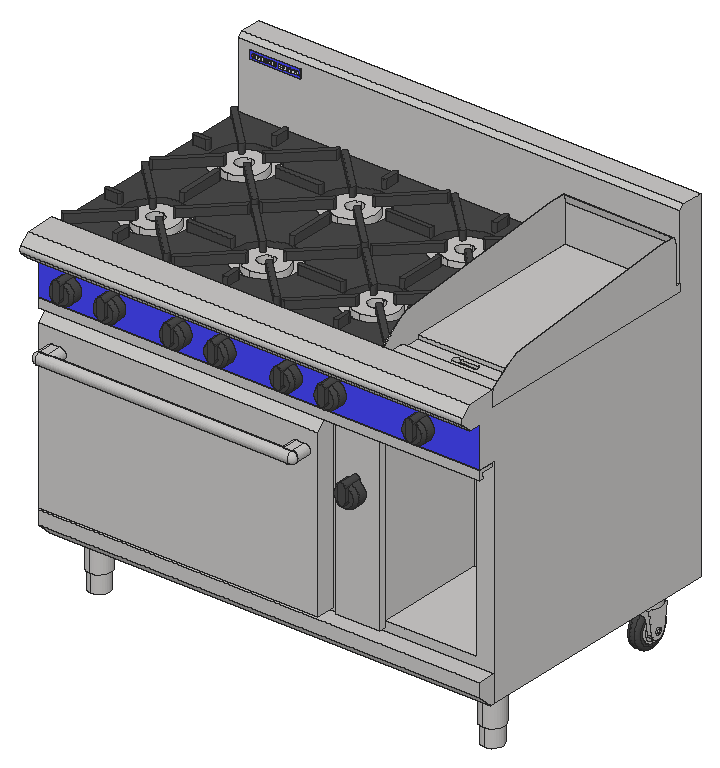
Revit family "QF_MOFFAT_BLUESEAL_CE_G508C", category Specialty Equipment, Revit 2012
Parameters
  Width = 1200 mm
  Weight in Pounds = 568
  URL Cutsheet = "www.moffat.com"
  URL = "www.moffat.com"
  Type Mark [instance] = ""
  Status [instance] = ""
  Specification by User [instance] = ""
  Specification by Manufacturer = ""
  Show Logo [instance] = yes
  Show Clearance [instance] = yes
  Show Casters [instance] = yes
  Serial Number = ""
  Seismic Rating = ""
  SMACNA No = ""
  Revision Code [instance] = ""
  Omniclass Number and Title = ""
  NAFEM Spec ID Number = ""
  Model = "G508C"
  Mechanical Remarks = ""
  Mechanical Connection Type [instance] = ""
  Masterspec = ""
  Manufacturer = "MOFFAT BLUESEAL"
  Legs [instance] = not(Show Casters)  # no
  Item Number [instance] = ""
  Installed By [instance] = ""
  Identify Quantity as Lot [instance] = yes
  Height = 970 mm
  Gas Size = 3/4"
  Gas RI Height [instance] = 0 mm
  Gas KW [instance] = 60.5
  Gas Input [instance] = 206624.0 Btu/h
  Gas Connection Height = 0 mm
  Furnished By [instance] = ""
  Foodservice Equipment Identifier [instance] = yes
  Description = "1200MM GAS RANGE WITH STATIC OVEN"
  Depth = 812 mm
  CSI MasterFormat = ""
  CSI Master Format = ""
  Body Finish = QF_Finishes_Stainless Steel
Reference planes
  plane 1 "BACK": y = 0
  plane 2: z = 0
  plane 3 "LEFT": x = 0
  plane 4 "RIGHT": x = 1200
  plane 5 "FRONT": y = -812
  plane 6 "TOP": z = 970
  plane 7 "Center Y": x = 600
  plane 8 "Center X": y = -406
  plane 9: x = 280
  plane 10: y = -574.272
  plane 11: x = 60
  plane 12: y = -304.972
  plane 13: y = -364.972
  plane 14: x = 74
  plane 15: y = -812
  plane 16: x = 1134.5
  plane 17: y = -32
  plane 18: z = 655
  plane 19: x = 65.5
  plane 20: x = 65.8
  plane 21: z = 1085
  plane 22: y = -705
Forms (mm)
  Extrusion 1, solid, material "QF_Finishes_Stainless Steel" <- "Body Finish"
    sketch origin (0, 0, 0) x (0, 1, 0) y (0, 0, 1)
      loop
        line (0, 150) -> (0, 1085) -> (-57.5, 1085) -> (-70, 1072.5) -> (-70, 875) -> (-705, 875) -> (-705, 915) -> (-783.97, 915) -> (-808.49, 890.48)
        arc (-808.49, 890.48) -> (-812.002, 882) -> (-808.49, 873.52) r 11.993
        line (-808.49, 873.52) -> (-784.97, 850) -> (-749, 850) -> (-749, 740) -> (-699, 740) -> (-699, 150) -> (0, 150)
      loop
        line (-749, 222.5) -> (-749, 186) -> (-713, 150) -> (-703.2, 150) -> (-703.2, 222.5) -> (-749, 222.5)
      loop
        line (-749, 713.781) -> (-740.224, 713.781) -> (-742.613, 730.781) -> (-707.93, 730.781) -> (-707.93, 737.784) -> (-749, 737.784) -> (-749, 713.781)
    from 0 to 1200
  Extrusion 2, solid, material "QF_Finishes_Stainless Steel"
    sketch origin (0, 7, 0) x (0, 1, 0) y (0, 0, 1)
      loop
        line (-706, 700) -> (-732, 700) -> (-756, 676) -> (-756, 227.5) -> (-706, 227.5) -> (-706, 700)
    from 0 to 760
  Extrusion 3, solid, material "QF_Finishes_Stainless Steel"
    sketch origin (723.5, 7, 0) x (0, 1, 0) y (0, 0, 1)
      loop
        line (-706, 700) -> (-721, 700) -> (-721, 227.5) -> (-706, 227.5) -> (-706, 700)
    from 56.898 to 176.5
  Revolve 4, solid, material "QF_Finishes_Stainless Steel" <- "Body Finish"
    sketch origin (1134.5, -696.126, 0) x (0, 1, 0) y (0, 0, -1)
      loop
        line (39.376, -150) -> (71.126, -150) -> (71.126, 0) -> (43.626, 0) -> (43.626, -50) -> (39.376, -50) -> (39.376, -150)
      axis (71.126, -150) -> (71.126, 0)
    angle from 0 to 360
  Revolve 5, solid, material "QF_Finishes_Stainless Steel" <- "Body Finish"
    sketch origin (65.5, -696.126, 0) x (0, 1, 0) y (0, 0, 1)
      loop
        line (39.376, 150) -> (39.376, 50) -> (43.626, 50) -> (43.626, 0) -> (71.126, 0) -> (71.126, 150) -> (39.376, 150)
      axis (71.126, 150) -> (71.126, 0)
    angle from 0 to 360
  Extrusion 6, solid, material "QF_Finishes_Stainless Steel"
    sketch origin (-64.5, 0, 325) x (1, 0, 0) y (0, 1, 0)
      loop
        circle (1134.5, -32) r 10
    from 330 to 374.856
  Extrusion 7, void
    sketch origin (0, -699, 150) x (0, 0, -1) y (-1, 0, 0)
      loop
        line (-529.781, -900) -> (-529.781, -1150) -> (-96, -1150) -> (-96, -900) -> (-529.781, -900)
    from 0 to 304.8
  Extrusion 8, solid, material "QF_Finishes_Black"
    sketch origin (0, -70, 875) x (0, -1, 0) y (1, 0, 0)
      loop
        arc (1, 4) -> (1.879, 1.879) -> (4, 1) r 3
        line (4, 1) -> (632, 1)
        arc (632, 1) -> (634.121, 1.879) -> (635, 4) r 3
        line (635, 4) -> (635, 897)
        arc (635, 897) -> (634.121, 899.121) -> (632, 900) r 3
        line (632, 900) -> (4, 900)
        arc (4, 900) -> (1.879, 899.121) -> (1, 897) r 3
        line (1, 897) -> (1, 4)
      loop
        circle (167.5, 150) r 85
      loop
        circle (167.5, 450) r 85
      loop
        circle (467.768, 150) r 85
      loop
        circle (467.768, 450) r 85
      loop
        circle (167.5, 750) r 85
      loop
        circle (467.768, 750) r 85
    from 0 to 19.5
  Extrusion 9, solid, material "QF_Finishes_Black"
    sketch origin (0, -70, 894.5) x (0, -1, 0) y (1, 0, 0)
      loop
        spline (327.102, 15.153) -> (326.181, 13.924) -> (325.631, 12.47) -> (325.49, 10.89) -> (325.767, 9.292) -> (326.443, 7.786) -> (327.473, 6.473) -> (328.786, 5.443) -> (330.292, 4.767) -> (331.89, 4.49) -> (333.47, 4.631) -> (334.924, 5.181) -> (336.153, 6.102)
        line (336.153, 6.102) -> (444.076, 114.025)
        spline (444.076, 114.025) -> (444.837, 115.095) -> (445.238, 116.399) -> (445.251, 117.851) -> (444.875, 119.35) -> (444.137, 120.795) -> (443.086, 122.086) -> (441.795, 123.137) -> (440.35, 123.875) -> (438.851, 124.251) -> (437.399, 124.238) -> (436.095, 123.837) -> (435.025, 123.076)
        line (435.025, 123.076) -> (327.102, 15.153)
      loop
        line (611.398, 15.153) -> (503.475, 123.076)
        spline (503.475, 123.076) -> (502.405, 123.837) -> (501.101, 124.238) -> (499.649, 124.251) -> (498.15, 123.875) -> (496.705, 123.137) -> (495.414, 122.086) -> (494.363, 120.795) -> (493.625, 119.35) -> (493.249, 117.851) -> (493.262, 116.399) -> (493.663, 115.095) -> (494.424, 114.025)
        line (494.424, 114.025) -> (602.347, 6.102)
        spline (602.347, 6.102) -> (603.416, 5.341) -> (604.721, 4.941) -> (606.172, 4.928) -> (607.671, 5.303) -> (609.116, 6.041) -> (610.408, 7.092) -> (611.459, 8.384) -> (612.197, 9.829) -> (612.572, 11.328) -> (612.559, 12.779) -> (612.159, 14.084) -> (611.398, 15.153)
      loop
        spline (379.102, 143.6) -> (380.396, 143.818) -> (381.602, 144.457) -> (382.638, 145.475) -> (383.432, 146.8) -> (383.932, 148.344) -> (384.102, 150) -> (383.932, 151.656) -> (383.432, 153.2) -> (382.638, 154.525) -> (381.602, 155.543) -> (380.396, 156.182) -> (379.102, 156.4)
        line (379.102, 156.4) -> (259.398, 156.4)
        spline (259.398, 156.4) -> (258.104, 156.182) -> (256.898, 155.543) -> (255.862, 154.525) -> (255.068, 153.2) -> (254.568, 151.656) -> (254.398, 150) -> (254.568, 148.344) -> (255.068, 146.8) -> (255.862, 145.475) -> (256.898, 144.457) -> (258.104, 143.818) -> (259.398, 143.6)
        line (259.398, 143.6) -> (379.102, 143.6)
      loop
        spline (23.602, 15.153) -> (22.681, 13.924) -> (22.131, 12.47) -> (21.99, 10.89) -> (22.267, 9.292) -> (22.943, 7.786) -> (23.973, 6.473) -> (25.286, 5.443) -> (26.792, 4.767) -> (28.39, 4.49) -> (29.97, 4.631) -> (31.424, 5.181) -> (32.653, 6.102)
        line (32.653, 6.102) -> (140.576, 114.025)
        spline (140.576, 114.025) -> (141.337, 115.095) -> (141.738, 116.399) -> (141.751, 117.851) -> (141.375, 119.35) -> (140.637, 120.795) -> (139.586, 122.086) -> (138.295, 123.137) -> (136.85, 123.875) -> (135.351, 124.251) -> (133.899, 124.238) -> (132.595, 123.837) -> (131.525, 123.076)
        line (131.525, 123.076) -> (23.602, 15.153)
      loop
        line (311.398, 15.153) -> (203.475, 123.076)
        spline (203.475, 123.076) -> (202.405, 123.837) -> (201.101, 124.238) -> (199.649, 124.251) -> (198.15, 123.875) -> (196.705, 123.137) -> (195.414, 122.086) -> (194.363, 120.795) -> (193.625, 119.35) -> (193.249, 117.851) -> (193.262, 116.399) -> (193.663, 115.095) -> (194.424, 114.025)
        line (194.424, 114.025) -> (302.347, 6.102)
        spline (302.347, 6.102) -> (303.416, 5.341) -> (304.721, 4.941) -> (306.172, 4.928) -> (307.671, 5.303) -> (309.116, 6.041) -> (310.408, 7.092) -> (311.459, 8.384) -> (312.197, 9.829) -> (312.572, 11.328) -> (312.559, 12.779) -> (312.159, 14.084) -> (311.398, 15.153)
      loop
        line (327.102, 284.847) -> (435.025, 176.924)
        spline (435.025, 176.924) -> (436.095, 176.163) -> (437.399, 175.762) -> (438.851, 175.749) -> (440.35, 176.125) -> (441.795, 176.863) -> (443.086, 177.914) -> (444.137, 179.205) -> (444.875, 180.65) -> (445.251, 182.149) -> (445.238, 183.601) -> (444.837, 184.905) -> (444.076, 185.975)
        line (444.076, 185.975) -> (336.153, 293.898)
        spline (336.153, 293.898) -> (334.924, 294.819) -> (333.47, 295.369) -> (331.89, 295.51) -> (330.292, 295.233) -> (328.786, 294.557) -> (327.473, 293.527) -> (326.443, 292.214) -> (325.767, 290.708) -> (325.49, 289.11) -> (325.631, 287.53) -> (326.181, 286.076) -> (327.102, 284.847)
      loop
        spline (611.398, 284.847) -> (612.159, 285.916) -> (612.559, 287.221) -> (612.572, 288.672) -> (612.197, 290.171) -> (611.459, 291.616) -> (610.408, 292.908) -> (609.116, 293.959) -> (607.671, 294.697) -> (606.172, 295.072) -> (604.721, 295.059) -> (603.416, 294.659) -> (602.347, 293.898)
        line (602.347, 293.898) -> (494.424, 185.975)
        spline (494.424, 185.975) -> (493.663, 184.905) -> (493.262, 183.601) -> (493.249, 182.149) -> (493.625, 180.65) -> (494.363, 179.205) -> (495.414, 177.914) -> (496.705, 176.863) -> (498.15, 176.125) -> (499.649, 175.749) -> (501.101, 175.762) -> (502.405, 176.163) -> (503.475, 176.924)
        line (503.475, 176.924) -> (611.398, 284.847)
      loop
        spline (461.1, 241.898) -> (461.318, 240.604) -> (461.957, 239.398) -> (462.975, 238.362) -> (464.3, 237.568) -> (465.844, 237.068) -> (467.5, 236.898) -> (469.156, 237.068) -> (470.7, 237.568) -> (472.025, 238.362) -> (473.043, 239.398) -> (473.682, 240.604) -> (473.9, 241.898)
        line (473.9, 241.898) -> (473.9, 358.102)
        spline (473.9, 358.102) -> (473.682, 359.396) -> (473.043, 360.602) -> (472.025, 361.638) -> (470.7, 362.432) -> (469.156, 362.932) -> (467.5, 363.102) -> (465.844, 362.932) -> (464.3, 362.432) -> (462.975, 361.638) -> (461.957, 360.602) -> (461.318, 359.396) -> (461.1, 358.102)
        line (461.1, 358.102) -> (461.1, 241.898)
      loop
        line (23.602, 284.847) -> (131.525, 176.924)
        spline (131.525, 176.924) -> (132.595, 176.163) -> (133.899, 175.762) -> (135.351, 175.749) -> (136.85, 176.125) -> (138.295, 176.863) -> (139.586, 177.914) -> (140.637, 179.205) -> (141.375, 180.65) -> (141.751, 182.149) -> (141.738, 183.601) -> (141.337, 184.905) -> (140.576, 185.975)
        line (140.576, 185.975) -> (32.653, 293.898)
        spline (32.653, 293.898) -> (31.424, 294.819) -> (29.97, 295.369) -> (28.39, 295.51) -> (26.792, 295.233) -> (25.286, 294.557) -> (23.973, 293.527) -> (22.943, 292.214) -> (22.267, 290.708) -> (21.99, 289.11) -> (22.131, 287.53) -> (22.681, 286.076) -> (23.602, 284.847)
      loop
        spline (311.398, 284.847) -> (312.159, 285.916) -> (312.559, 287.221) -> (312.572, 288.672) -> (312.197, 290.171) -> (311.459, 291.616) -> (310.408, 292.908) -> (309.116, 293.959) -> (307.671, 294.697) -> (306.172, 295.072) -> (304.721, 295.059) -> (303.416, 294.659) -> (302.347, 293.898)
        line (302.347, 293.898) -> (194.424, 185.975)
        spline (194.424, 185.975) -> (193.663, 184.905) -> (193.262, 183.601) -> (193.249, 182.149) -> (193.625, 180.65) -> (194.363, 179.205) -> (195.414, 177.914) -> (196.705, 176.863) -> (198.15, 176.125) -> (199.649, 175.749) -> (201.101, 175.762) -> (202.405, 176.163) -> (203.475, 176.924)
        line (203.475, 176.924) -> (311.398, 284.847)
      loop
        spline (161.1, 241.898) -> (161.318, 240.604) -> (161.957, 239.398) -> (162.975, 238.362) -> (164.3, 237.568) -> (165.844, 237.068) -> (167.5, 236.898) -> (169.156, 237.068) -> (170.7, 237.568) -> (172.025, 238.362) -> (173.043, 239.398) -> (173.682, 240.604) -> (173.9, 241.898)
        line (173.9, 241.898) -> (173.9, 358.102)
        spline (173.9, 358.102) -> (173.682, 359.396) -> (173.043, 360.602) -> (172.025, 361.638) -> (170.7, 362.432) -> (169.156, 362.932) -> (167.5, 363.102) -> (165.844, 362.932) -> (164.3, 362.432) -> (162.975, 361.638) -> (161.957, 360.602) -> (161.318, 359.396) -> (161.1, 358.102)
        line (161.1, 358.102) -> (161.1, 241.898)
      loop
        line (379.102, 456.4) -> (259.398, 456.4)
        spline (259.398, 456.4) -> (258.104, 456.182) -> (256.898, 455.543) -> (255.862, 454.525) -> (255.068, 453.2) -> (254.568, 451.656) -> (254.398, 450) -> (254.568, 448.344) -> (255.068, 446.8) -> (255.862, 445.475) -> (256.898, 444.457) -> (258.104, 443.818) -> (259.398, 443.6)
        line (259.398, 443.6) -> (379.102, 443.6)
        spline (379.102, 443.6) -> (380.396, 443.818) -> (381.602, 444.457) -> (382.638, 445.475) -> (383.432, 446.8) -> (383.932, 448.344) -> (384.102, 450) -> (383.932, 451.656) -> (383.432, 453.2) -> (382.638, 454.525) -> (381.602, 455.543) -> (380.396, 456.182) -> (379.102, 456.4)
      loop
        spline (327.102, 315.153) -> (326.181, 313.924) -> (325.631, 312.47) -> (325.49, 310.89) -> (325.767, 309.292) -> (326.443, 307.786) -> (327.473, 306.473) -> (328.786, 305.443) -> (330.292, 304.767) -> (331.89, 304.49) -> (333.47, 304.631) -> (334.924, 305.181) -> (336.153, 306.102)
        line (336.153, 306.102) -> (444.076, 414.025)
        spline (444.076, 414.025) -> (444.837, 415.095) -> (445.238, 416.399) -> (445.251, 417.851) -> (444.875, 419.35) -> (444.137, 420.795) -> (443.086, 422.086) -> (441.795, 423.137) -> (440.35, 423.875) -> (438.851, 424.251) -> (437.399, 424.238) -> (436.095, 423.837) -> (435.025, 423.076)
        line (435.025, 423.076) -> (327.102, 315.153)
      loop
        line (611.398, 315.153) -> (503.475, 423.076)
        spline (503.475, 423.076) -> (502.405, 423.837) -> (501.101, 424.238) -> (499.649, 424.251) -> (498.15, 423.875) -> (496.705, 423.137) -> (495.414, 422.086) -> (494.363, 420.795) -> (493.625, 419.35) -> (493.249, 417.851) -> (493.262, 416.399) -> (493.663, 415.095) -> (494.424, 414.025)
        line (494.424, 414.025) -> (602.347, 306.102)
        spline (602.347, 306.102) -> (603.416, 305.341) -> (604.721, 304.941) -> (606.172, 304.928) -> (607.671, 305.303) -> (609.116, 306.041) -> (610.408, 307.092) -> (611.459, 308.384) -> (612.197, 309.829) -> (612.572, 311.328) -> (612.559, 312.779) -> (612.159, 314.084) -> (611.398, 315.153)
      loop
        spline (23.602, 315.153) -> (22.681, 313.924) -> (22.131, 312.47) -> (21.99, 310.89) -> (22.267, 309.292) -> (22.943, 307.786) -> (23.973, 306.473) -> (25.286, 305.443) -> (26.792, 304.767) -> (28.39, 304.49) -> (29.97, 304.631) -> (31.424, 305.181) -> (32.653, 306.102)
        line (32.653, 306.102) -> (140.576, 414.025)
        spline (140.576, 414.025) -> (141.337, 415.095) -> (141.738, 416.399) -> (141.751, 417.851) -> (141.375, 419.35) -> (140.637, 420.795) -> (139.586, 422.086) -> (138.295, 423.137) -> (136.85, 423.875) -> (135.351, 424.251) -> (133.899, 424.238) -> (132.595, 423.837) -> (131.525, 423.076)
        line (131.525, 423.076) -> (23.602, 315.153)
      loop
        line (311.398, 315.153) -> (203.475, 423.076)
        spline (203.475, 423.076) -> (202.405, 423.837) -> (201.101, 424.238) -> (199.649, 424.251) -> (198.15, 423.875) -> (196.705, 423.137) -> (195.414, 422.086) -> (194.363, 420.795) -> (193.625, 419.35) -> (193.249, 417.851) -> (193.262, 416.399) -> (193.663, 415.095) -> (194.424, 414.025)
        line (194.424, 414.025) -> (302.347, 306.102)
        spline (302.347, 306.102) -> (303.416, 305.341) -> (304.721, 304.941) -> (306.172, 304.928) -> (307.671, 305.303) -> (309.116, 306.041) -> (310.408, 307.092) -> (311.459, 308.384) -> (312.197, 309.829) -> (312.572, 311.328) -> (312.559, 312.779) -> (312.159, 314.084) -> (311.398, 315.153)
      loop
        line (327.102, 584.847) -> (435.025, 476.924)
        spline (435.025, 476.924) -> (436.095, 476.163) -> (437.399, 475.762) -> (438.851, 475.749) -> (440.35, 476.125) -> (441.795, 476.863) -> (443.086, 477.914) -> (444.137, 479.205) -> (444.875, 480.65) -> (445.251, 482.149) -> (445.238, 483.601) -> (444.837, 484.905) -> (444.076, 485.975)
        line (444.076, 485.975) -> (336.153, 593.898)
        spline (336.153, 593.898) -> (334.924, 594.819) -> (333.47, 595.369) -> (331.89, 595.51) -> (330.292, 595.233) -> (328.786, 594.557) -> (327.473, 593.527) -> (326.443, 592.214) -> (325.767, 590.708) -> (325.49, 589.11) -> (325.631, 587.53) -> (326.181, 586.076) -> (327.102, 584.847)
      loop
        spline (611.398, 584.847) -> (612.159, 585.916) -> (612.559, 587.221) -> (612.572, 588.672) -> (612.197, 590.171) -> (611.459, 591.616) -> (610.408, 592.908) -> (609.116, 593.959) -> (607.671, 594.697) -> (606.172, 595.072) -> (604.721, 595.059) -> (603.416, 594.659) -> (602.347, 593.898)
        line (602.347, 593.898) -> (494.424, 485.975)
        spline (494.424, 485.975) -> (493.663, 484.905) -> (493.262, 483.601) -> (493.249, 482.149) -> (493.625, 480.65) -> (494.363, 479.205) -> (495.414, 477.914) -> (496.705, 476.863) -> (498.15, 476.125) -> (499.649, 475.749) -> (501.101, 475.762) -> (502.405, 476.163) -> (503.475, 476.924)
        line (503.475, 476.924) -> (611.398, 584.847)
      loop
        line (23.602, 584.847) -> (131.525, 476.924)
        spline (131.525, 476.924) -> (132.595, 476.163) -> (133.899, 475.762) -> (135.351, 475.749) -> (136.85, 476.125) -> (138.295, 476.863) -> (139.586, 477.914) -> (140.637, 479.205) -> (141.375, 480.65) -> (141.751, 482.149) -> (141.738, 483.601) -> (141.337, 484.905) -> (140.576, 485.975)
        line (140.576, 485.975) -> (32.653, 593.898)
        spline (32.653, 593.898) -> (31.424, 594.819) -> (29.97, 595.369) -> (28.39, 595.51) -> (26.792, 595.233) -> (25.286, 594.557) -> (23.973, 593.527) -> (22.943, 592.214) -> (22.267, 590.708) -> (21.99, 589.11) -> (22.131, 587.53) -> (22.681, 586.076) -> (23.602, 584.847)
      loop
        spline (311.398, 584.847) -> (312.159, 585.916) -> (312.559, 587.221) -> (312.572, 588.672) -> (312.197, 590.171) -> (311.459, 591.616) -> (310.408, 592.908) -> (309.116, 593.959) -> (307.671, 594.697) -> (306.172, 595.072) -> (304.721, 595.059) -> (303.416, 594.659) -> (302.347, 593.898)
        line (302.347, 593.898) -> (194.424, 485.975)
        spline (194.424, 485.975) -> (193.663, 484.905) -> (193.262, 483.601) -> (193.249, 482.149) -> (193.625, 480.65) -> (194.363, 479.205) -> (195.414, 477.914) -> (196.705, 476.863) -> (198.15, 476.125) -> (199.649, 475.749) -> (201.101, 475.762) -> (202.405, 476.163) -> (203.475, 476.924)
        line (203.475, 476.924) -> (311.398, 584.847)
      loop
        spline (461.1, 541.898) -> (461.318, 540.604) -> (461.957, 539.398) -> (462.975, 538.362) -> (464.3, 537.568) -> (465.844, 537.068) -> (467.5, 536.898) -> (469.156, 537.068) -> (470.7, 537.568) -> (472.025, 538.362) -> (473.043, 539.398) -> (473.682, 540.604) -> (473.9, 541.898)
        line (473.9, 541.898) -> (473.9, 658.102)
        spline (473.9, 658.102) -> (473.682, 659.396) -> (473.043, 660.602) -> (472.025, 661.638) -> (470.7, 662.432) -> (469.156, 662.932) -> (467.5, 663.102) -> (465.844, 662.932) -> (464.3, 662.432) -> (462.975, 661.638) -> (461.957, 660.602) -> (461.318, 659.396) -> (461.1, 658.102)
        line (461.1, 658.102) -> (461.1, 541.898)
      loop
        spline (161.1, 541.898) -> (161.318, 540.604) -> (161.957, 539.398) -> (162.975, 538.362) -> (164.3, 537.568) -> (165.844, 537.068) -> (167.5, 536.898) -> (169.156, 537.068) -> (170.7, 537.568) -> (172.025, 538.362) -> (173.043, 539.398) -> (173.682, 540.604) -> (173.9, 541.898)
        line (173.9, 541.898) -> (173.9, 658.102)
        spline (173.9, 658.102) -> (173.682, 659.396) -> (173.043, 660.602) -> (172.025, 661.638) -> (170.7, 662.432) -> (169.156, 662.932) -> (167.5, 663.102) -> (165.844, 662.932) -> (164.3, 662.432) -> (162.975, 661.638) -> (161.957, 660.602) -> (161.318, 659.396) -> (161.1, 658.102)
        line (161.1, 658.102) -> (161.1, 541.898)
      loop
        line (379.102, 756.4) -> (259.398, 756.4)
        spline (259.398, 756.4) -> (258.104, 756.182) -> (256.898, 755.543) -> (255.862, 754.525) -> (255.068, 753.2) -> (254.568, 751.656) -> (254.398, 750) -> (254.568, 748.344) -> (255.068, 746.8) -> (255.862, 745.475) -> (256.898, 744.457) -> (258.104, 743.818) -> (259.398, 743.6)
        line (259.398, 743.6) -> (379.102, 743.6)
        spline (379.102, 743.6) -> (380.396, 743.818) -> (381.602, 744.457) -> (382.638, 745.475) -> (383.432, 746.8) -> (383.932, 748.344) -> (384.102, 750) -> (383.932, 751.656) -> (383.432, 753.2) -> (382.638, 754.525) -> (381.602, 755.543) -> (380.396, 756.182) -> (379.102, 756.4)
      loop
        spline (327.102, 615.153) -> (326.181, 613.924) -> (325.631, 612.47) -> (325.49, 610.89) -> (325.767, 609.292) -> (326.443, 607.786) -> (327.473, 606.473) -> (328.786, 605.443) -> (330.292, 604.767) -> (331.89, 604.49) -> (333.47, 604.631) -> (334.924, 605.181) -> (336.153, 606.102)
        line (336.153, 606.102) -> (444.076, 714.025)
        spline (444.076, 714.025) -> (444.837, 715.095) -> (445.238, 716.399) -> (445.251, 717.851) -> (444.875, 719.35) -> (444.137, 720.795) -> (443.086, 722.086) -> (441.795, 723.137) -> (440.35, 723.875) -> (438.851, 724.251) -> (437.399, 724.238) -> (436.095, 723.837) -> (435.025, 723.076)
        line (435.025, 723.076) -> (327.102, 615.153)
      loop
        line (611.398, 615.153) -> (503.475, 723.076)
        spline (503.475, 723.076) -> (502.405, 723.837) -> (501.101, 724.238) -> (499.649, 724.251) -> (498.15, 723.875) -> (496.705, 723.137) -> (495.414, 722.086) -> (494.363, 720.795) -> (493.625, 719.35) -> (493.249, 717.851) -> (493.262, 716.399) -> (493.663, 715.095) -> (494.424, 714.025)
        line (494.424, 714.025) -> (602.347, 606.102)
        spline (602.347, 606.102) -> (603.416, 605.341) -> (604.721, 604.941) -> (606.172, 604.928) -> (607.671, 605.303) -> (609.116, 606.041) -> (610.408, 607.092) -> (611.459, 608.384) -> (612.197, 609.829) -> (612.572, 611.328) -> (612.559, 612.779) -> (612.159, 614.084) -> (611.398, 615.153)
      loop
        spline (23.602, 615.153) -> (22.681, 613.924) -> (22.131, 612.47) -> (21.99, 610.89) -> (22.267, 609.292) -> (22.943, 607.786) -> (23.973, 606.473) -> (25.286, 605.443) -> (26.792, 604.767) -> (28.39, 604.49) -> (29.97, 604.631) -> (31.424, 605.181) -> (32.653, 606.102)
        line (32.653, 606.102) -> (140.576, 714.025)
        spline (140.576, 714.025) -> (141.337, 715.095) -> (141.738, 716.399) -> (141.751, 717.851) -> (141.375, 719.35) -> (140.637, 720.795) -> (139.586, 722.086) -> (138.295, 723.137) -> (136.85, 723.875) -> (135.351, 724.251) -> (133.899, 724.238) -> (132.595, 723.837) -> (131.525, 723.076)
        line (131.525, 723.076) -> (23.602, 615.153)
      loop
        line (311.398, 615.153) -> (203.475, 723.076)
        spline (203.475, 723.076) -> (202.405, 723.837) -> (201.101, 724.238) -> (199.649, 724.251) -> (198.15, 723.875) -> (196.705, 723.137) -> (195.414, 722.086) -> (194.363, 720.795) -> (193.625, 719.35) -> (193.249, 717.851) -> (193.262, 716.399) -> (193.663, 715.095) -> (194.424, 714.025)
        line (194.424, 714.025) -> (302.347, 606.102)
        spline (302.347, 606.102) -> (303.416, 605.341) -> (304.721, 604.941) -> (306.172, 604.928) -> (307.671, 605.303) -> (309.116, 606.041) -> (310.408, 607.092) -> (311.459, 608.384) -> (312.197, 609.829) -> (312.572, 611.328) -> (312.559, 612.779) -> (312.159, 614.084) -> (311.398, 615.153)
      loop
        line (327.102, 884.847) -> (435.025, 776.924)
        spline (435.025, 776.924) -> (436.095, 776.163) -> (437.399, 775.762) -> (438.851, 775.749) -> (440.35, 776.125) -> (441.795, 776.863) -> (443.086, 777.914) -> (444.137, 779.205) -> (444.875, 780.65) -> (445.251, 782.149) -> (445.238, 783.601) -> (444.837, 784.905) -> (444.076, 785.975)
        line (444.076, 785.975) -> (336.153, 893.898)
        spline (336.153, 893.898) -> (334.924, 894.819) -> (333.47, 895.369) -> (331.89, 895.51) -> (330.292, 895.233) -> (328.786, 894.557) -> (327.473, 893.527) -> (326.443, 892.214) -> (325.767, 890.708) -> (325.49, 889.11) -> (325.631, 887.53) -> (326.181, 886.076) -> (327.102, 884.847)
      loop
        spline (611.398, 884.847) -> (612.159, 885.916) -> (612.559, 887.221) -> (612.572, 888.672) -> (612.197, 890.171) -> (611.459, 891.616) -> (610.408, 892.908) -> (609.116, 893.959) -> (607.671, 894.697) -> (606.172, 895.072) -> (604.721, 895.059) -> (603.416, 894.659) -> (602.347, 893.898)
        line (602.347, 893.898) -> (494.424, 785.975)
        spline (494.424, 785.975) -> (493.663, 784.905) -> (493.262, 783.601) -> (493.249, 782.149) -> (493.625, 780.65) -> (494.363, 779.205) -> (495.414, 777.914) -> (496.705, 776.863) -> (498.15, 776.125) -> (499.649, 775.749) -> (501.101, 775.762) -> (502.405, 776.163) -> (503.475, 776.924)
        line (503.475, 776.924) -> (611.398, 884.847)
      loop
        line (23.602, 884.847) -> (131.525, 776.924)
        spline (131.525, 776.924) -> (132.595, 776.163) -> (133.899, 775.762) -> (135.351, 775.749) -> (136.85, 776.125) -> (138.295, 776.863) -> (139.586, 777.914) -> (140.637, 779.205) -> (141.375, 780.65) -> (141.751, 782.149) -> (141.738, 783.601) -> (141.337, 784.905) -> (140.576, 785.975)
        line (140.576, 785.975) -> (32.653, 893.898)
        spline (32.653, 893.898) -> (31.424, 894.819) -> (29.97, 895.369) -> (28.39, 895.51) -> (26.792, 895.233) -> (25.286, 894.557) -> (23.973, 893.527) -> (22.943, 892.214) -> (22.267, 890.708) -> (21.99, 889.11) -> (22.131, 887.53) -> (22.681, 886.076) -> (23.602, 884.847)
      loop
        spline (311.398, 884.847) -> (312.159, 885.916) -> (312.559, 887.221) -> (312.572, 888.672) -> (312.197, 890.171) -> (311.459, 891.616) -> (310.408, 892.908) -> (309.116, 893.959) -> (307.671, 894.697) -> (306.172, 895.072) -> (304.721, 895.059) -> (303.416, 894.659) -> (302.347, 893.898)
        line (302.347, 893.898) -> (194.424, 785.975)
        spline (194.424, 785.975) -> (193.663, 784.905) -> (193.262, 783.601) -> (193.249, 782.149) -> (193.625, 780.65) -> (194.363, 779.205) -> (195.414, 777.914) -> (196.705, 776.863) -> (198.15, 776.125) -> (199.649, 775.749) -> (201.101, 775.762) -> (202.405, 776.163) -> (203.475, 776.924)
        line (203.475, 776.924) -> (311.398, 884.847)
      loop
        spline (473.9, 891.872) -> (473.682, 893.166) -> (473.043, 894.372) -> (472.025, 895.407) -> (470.7, 896.202) -> (469.156, 896.701) -> (467.5, 896.872) -> (465.844, 896.701) -> (464.3, 896.202) -> (462.975, 895.407) -> (461.957, 894.372) -> (461.318, 893.166) -> (461.1, 891.872)
        line (461.1, 891.872) -> (461.1, 841.898)
        spline (461.1, 841.898) -> (461.318, 840.604) -> (461.957, 839.398) -> (462.975, 838.362) -> (464.3, 837.568) -> (465.844, 837.068) -> (467.5, 836.898) -> (469.156, 837.068) -> (470.7, 837.568) -> (472.025, 838.362) -> (473.043, 839.398) -> (473.682, 840.604) -> (473.9, 841.898)
        line (473.9, 841.898) -> (473.9, 891.872)
      loop
        spline (173.9, 891.872) -> (173.682, 893.166) -> (173.043, 894.372) -> (172.025, 895.407) -> (170.7, 896.202) -> (169.156, 896.701) -> (167.5, 896.872) -> (165.844, 896.701) -> (164.3, 896.202) -> (162.975, 895.407) -> (161.957, 894.372) -> (161.318, 893.166) -> (161.1, 891.872)
        line (161.1, 891.872) -> (161.1, 841.898)
        spline (161.1, 841.898) -> (161.318, 840.604) -> (161.957, 839.398) -> (162.975, 838.362) -> (164.3, 837.568) -> (165.844, 837.068) -> (167.5, 836.898) -> (169.156, 837.068) -> (170.7, 837.568) -> (172.025, 838.362) -> (173.043, 839.398) -> (173.682, 840.604) -> (173.9, 841.898)
        line (173.9, 841.898) -> (173.9, 891.872)
      loop
        spline (65.602, 143.6) -> (66.896, 143.818) -> (68.102, 144.457) -> (69.138, 145.475) -> (69.932, 146.8) -> (70.432, 148.344) -> (70.602, 150) -> (70.432, 151.656) -> (69.932, 153.2) -> (69.138, 154.525) -> (68.102, 155.543) -> (66.896, 156.182) -> (65.602, 156.4)
        line (65.602, 156.4) -> (29.398, 156.4)
        spline (29.398, 156.4) -> (28.104, 156.182) -> (26.898, 155.543) -> (25.862, 154.525) -> (25.068, 153.2) -> (24.568, 151.656) -> (24.398, 150) -> (24.568, 148.344) -> (25.068, 146.8) -> (25.862, 145.475) -> (26.898, 144.457) -> (28.104, 143.818) -> (29.398, 143.6)
        line (29.398, 143.6) -> (65.602, 143.6)
      loop
        spline (65.602, 443.6) -> (66.896, 443.818) -> (68.102, 444.457) -> (69.138, 445.475) -> (69.932, 446.8) -> (70.432, 448.344) -> (70.602, 450) -> (70.432, 451.656) -> (69.932, 453.2) -> (69.138, 454.525) -> (68.102, 455.543) -> (66.896, 456.182) -> (65.602, 456.4)
        line (65.602, 456.4) -> (29.398, 456.4)
        spline (29.398, 456.4) -> (28.104, 456.182) -> (26.898, 455.543) -> (25.862, 454.525) -> (25.068, 453.2) -> (24.568, 451.656) -> (24.398, 450) -> (24.568, 448.344) -> (25.068, 446.8) -> (25.862, 445.475) -> (26.898, 444.457) -> (28.104, 443.818) -> (29.398, 443.6)
        line (29.398, 443.6) -> (65.602, 443.6)
      loop
        spline (65.602, 743.6) -> (66.896, 743.818) -> (68.102, 744.457) -> (69.138, 745.475) -> (69.932, 746.8) -> (70.432, 748.344) -> (70.602, 750) -> (70.432, 751.656) -> (69.932, 753.2) -> (69.138, 754.525) -> (68.102, 755.543) -> (66.896, 756.182) -> (65.602, 756.4)
        line (65.602, 756.4) -> (29.398, 756.4)
        spline (29.398, 756.4) -> (28.104, 756.182) -> (26.898, 755.543) -> (25.862, 754.525) -> (25.068, 753.2) -> (24.568, 751.656) -> (24.398, 750) -> (24.568, 748.344) -> (25.068, 746.8) -> (25.862, 745.475) -> (26.898, 744.457) -> (28.104, 743.818) -> (29.398, 743.6)
        line (29.398, 743.6) -> (65.602, 743.6)
      loop
        spline (605.602, 143.6) -> (606.896, 143.818) -> (608.102, 144.457) -> (609.138, 145.475) -> (609.932, 146.8) -> (610.432, 148.344) -> (610.602, 150) -> (610.432, 151.656) -> (609.932, 153.2) -> (609.138, 154.525) -> (608.102, 155.543) -> (606.896, 156.182) -> (605.602, 156.4)
        line (605.602, 156.4) -> (569.398, 156.4)
        spline (569.398, 156.4) -> (568.104, 156.182) -> (566.898, 155.543) -> (565.862, 154.525) -> (565.068, 153.2) -> (564.568, 151.656) -> (564.398, 150) -> (564.568, 148.344) -> (565.068, 146.8) -> (565.862, 145.475) -> (566.898, 144.457) -> (568.104, 143.818) -> (569.398, 143.6)
        line (569.398, 143.6) -> (605.602, 143.6)
      loop
        spline (605.602, 443.6) -> (606.896, 443.818) -> (608.102, 444.457) -> (609.138, 445.475) -> (609.932, 446.8) -> (610.432, 448.344) -> (610.602, 450) -> (610.432, 451.656) -> (609.932, 453.2) -> (609.138, 454.525) -> (608.102, 455.543) -> (606.896, 456.182) -> (605.602, 456.4)
        line (605.602, 456.4) -> (569.398, 456.4)
        spline (569.398, 456.4) -> (568.104, 456.182) -> (566.898, 455.543) -> (565.862, 454.525) -> (565.068, 453.2) -> (564.568, 451.656) -> (564.398, 450) -> (564.568, 448.344) -> (565.068, 446.8) -> (565.862, 445.475) -> (566.898, 444.457) -> (568.104, 443.818) -> (569.398, 443.6)
        line (569.398, 443.6) -> (605.602, 443.6)
      loop
        spline (605.602, 743.6) -> (606.896, 743.818) -> (608.102, 744.457) -> (609.138, 745.475) -> (609.932, 746.8) -> (610.432, 748.344) -> (610.602, 750) -> (610.432, 751.656) -> (609.932, 753.2) -> (609.138, 754.525) -> (608.102, 755.543) -> (606.896, 756.182) -> (605.602, 756.4)
        line (605.602, 756.4) -> (569.398, 756.4)
        spline (569.398, 756.4) -> (568.104, 756.182) -> (566.898, 755.543) -> (565.862, 754.525) -> (565.068, 753.2) -> (564.568, 751.656) -> (564.398, 750) -> (564.568, 748.344) -> (565.068, 746.8) -> (565.862, 745.475) -> (566.898, 744.457) -> (568.104, 743.818) -> (569.398, 743.6)
        line (569.398, 743.6) -> (605.602, 743.6)
      loop
        line (460.626, 50.584) -> (460.626, 16.591)
        spline (460.626, 16.591) -> (460.844, 15.297) -> (461.483, 14.091) -> (462.501, 13.055) -> (463.826, 12.261) -> (465.37, 11.761) -> (467.026, 11.591) -> (468.682, 11.761) -> (470.226, 12.261) -> (471.551, 13.055) -> (472.569, 14.091) -> (473.208, 15.297) -> (473.426, 16.591)
        line (473.426, 16.591) -> (473.426, 50.584)
        spline (473.426, 50.584) -> (473.208, 51.878) -> (472.569, 53.084) -> (471.551, 54.119) -> (470.226, 54.914) -> (468.682, 55.413) -> (467.026, 55.584) -> (465.37, 55.413) -> (463.826, 54.914) -> (462.501, 54.119) -> (461.483, 53.084) -> (460.844, 51.878) -> (460.626, 50.584)
      loop
        line (160.11, 50.584) -> (160.11, 16.591)
        spline (160.11, 16.591) -> (160.328, 15.297) -> (160.967, 14.091) -> (161.984, 13.055) -> (163.31, 12.261) -> (164.853, 11.761) -> (166.51, 11.591) -> (168.166, 11.761) -> (169.71, 12.261) -> (171.035, 13.055) -> (172.052, 14.091) -> (172.692, 15.297) -> (172.91, 16.591)
        line (172.91, 16.591) -> (172.91, 50.584)
        spline (172.91, 50.584) -> (172.692, 51.878) -> (172.052, 53.084) -> (171.035, 54.119) -> (169.71, 54.914) -> (168.166, 55.413) -> (166.51, 55.584) -> (164.853, 55.413) -> (163.31, 54.914) -> (161.984, 54.119) -> (160.967, 53.084) -> (160.328, 51.878) -> (160.11, 50.584)
    from 0 to 23.5
  Revolve 10, solid, material "QF_Finishes_Black"
    sketch origin (810.601, 45.874, -0.118) x (0, 1, 0) y (0, 0, 1)
      loop
        line (-827.874, 829.5) -> (-838.874, 823.651) -> (-838.874, 797) -> (-794.874, 797) -> (-794.874, 802) -> (-804.874, 802) -> (-804.874, 829.5) -> (-827.874, 829.5)
      axis (-838.874, 797) -> (-794.874, 797)
    angle from 0 to 360
  Revolve 11, solid, material "QF_Finishes_Black"
    sketch origin (690.601, 45.874, -0.118) x (0, 1, 0) y (0, 0, 1)
      loop
        line (-827.874, 829.5) -> (-838.874, 823.651) -> (-838.874, 797) -> (-794.874, 797) -> (-794.874, 802) -> (-804.874, 802) -> (-804.874, 829.5) -> (-827.874, 829.5)
      axis (-838.874, 797) -> (-794.874, 797)
    angle from 0 to 360
  Revolve 12, solid, material "QF_Finishes_Black"
    sketch origin (90.649, 45.874, -0.118) x (0, 1, 0) y (0, 0, -1)
      loop
        line (-827.874, -829.5) -> (-804.874, -829.5) -> (-804.874, -802) -> (-794.874, -802) -> (-794.874, -797) -> (-838.874, -797) -> (-838.874, -823.651) -> (-827.874, -829.5)
      axis (-838.874, -797) -> (-794.874, -797)
    angle from 0 to 360
  Revolve 13, solid, material "QF_Finishes_Black"
    sketch origin (210.649, 45.874, -0.118) x (0, 1, 0) y (0, 0, -1)
      loop
        line (-827.874, -829.5) -> (-804.874, -829.5) -> (-804.874, -802) -> (-794.874, -802) -> (-794.874, -797) -> (-838.874, -797) -> (-838.874, -823.651) -> (-827.874, -829.5)
      axis (-838.874, -797) -> (-794.874, -797)
    angle from 0 to 360
  Revolve 14, solid, material "QF_Finishes_Black"
    sketch origin (390.625, 45.874, -0.118) x (0, 1, 0) y (0, 0, -1)
      loop
        line (-827.874, -829.5) -> (-804.874, -829.5) -> (-804.874, -802) -> (-794.874, -802) -> (-794.874, -797) -> (-838.874, -797) -> (-838.874, -823.651) -> (-827.874, -829.5)
      axis (-838.874, -797) -> (-794.874, -797)
    angle from 0 to 360
  Revolve 15, solid, material "QF_Finishes_Black"
    sketch origin (510.625, 45.874, -0.118) x (0, 1, 0) y (0, 0, -1)
      loop
        line (-827.874, -829.5) -> (-804.874, -829.5) -> (-804.874, -802) -> (-794.874, -802) -> (-794.874, -797) -> (-838.874, -797) -> (-838.874, -823.651) -> (-827.874, -829.5)
      axis (-838.874, -797) -> (-794.874, -797)
    angle from 0 to 360
  Revolve 16, solid, material "QF_Finishes_Black"
    sketch origin (1050, 45.874, -0.118) x (0, 1, 0) y (0, 0, 1)
      loop
        line (-827.874, 829.5) -> (-838.874, 823.651) -> (-838.874, 797) -> (-794.874, 797) -> (-794.874, 802) -> (-804.874, 802) -> (-804.874, 829.5) -> (-827.874, 829.5)
      axis (-838.874, 797) -> (-794.874, 797)
    angle from 0 to 360
  Extrusion 17, solid, material "QF_Finishes_Black"
    sketch origin (238.456, 7, -0.118) x (-1, 0, 0) y (0, 0, -1)
      loop
        arc (158.3, -789) -> (148.3, -779) -> (138.3, -789) r 10
        line (138.3, -789) -> (138.3, -824)
        arc (138.3, -824) -> (148.3, -834) -> (158.3, -824) r 10
        line (158.3, -824) -> (158.3, -789)
    from 759 to 808
  Extrusion 18, solid, material "QF_Finishes_Black"
    sketch origin (358.456, 7, -0.118) x (-1, 0, 0) y (0, 0, -1)
      loop
        arc (158.3, -789) -> (148.3, -779) -> (138.3, -789) r 10
        line (138.3, -789) -> (138.3, -824)
        arc (138.3, -824) -> (148.3, -834) -> (158.3, -824) r 10
        line (158.3, -824) -> (158.3, -789)
    from 759 to 808
  Extrusion 19, solid, material "QF_Finishes_Black"
    sketch origin (538.432, 7, -0.118) x (-1, 0, 0) y (0, 0, -1)
      loop
        arc (158.3, -789) -> (148.3, -779) -> (138.3, -789) r 10
        line (138.3, -789) -> (138.3, -824)
        arc (138.3, -824) -> (148.3, -834) -> (158.3, -824) r 10
        line (158.3, -824) -> (158.3, -789)
    from 759 to 808
  Extrusion 20, solid, material "QF_Finishes_Black"
    sketch origin (658.432, 7, -0.118) x (-1, 0, 0) y (0, 0, -1)
      loop
        arc (158.3, -789) -> (148.3, -779) -> (138.3, -789) r 10
        line (138.3, -789) -> (138.3, -824)
        arc (138.3, -824) -> (148.3, -834) -> (158.3, -824) r 10
        line (158.3, -824) -> (158.3, -789)
    from 759 to 808
  Extrusion 21, solid, material "QF_Finishes_Black"
    sketch origin (838.408, 7, -0.118) x (-1, 0, 0) y (0, 0, -1)
      loop
        arc (158.3, -789) -> (148.3, -779) -> (138.3, -789) r 10
        line (138.3, -789) -> (138.3, -824)
        arc (138.3, -824) -> (148.3, -834) -> (158.3, -824) r 10
        line (158.3, -824) -> (158.3, -789)
    from 759 to 808
  Extrusion 22, solid, material "QF_Finishes_Black"
    sketch origin (958.408, 7, -0.118) x (-1, 0, 0) y (0, 0, -1)
      loop
        arc (158.3, -789) -> (148.3, -779) -> (138.3, -789) r 10
        line (138.3, -789) -> (138.3, -824)
        arc (138.3, -824) -> (148.3, -834) -> (158.3, -824) r 10
        line (158.3, -824) -> (158.3, -789)
    from 759 to 808
  Extrusion 23, solid, material "QF_Finishes_Black"
    sketch origin (1197.807, 7, -0.118) x (-1, 0, 0) y (0, 0, -1)
      loop
        arc (158.3, -789) -> (148.3, -779) -> (138.3, -789) r 10
        line (138.3, -789) -> (138.3, -824)
        arc (138.3, -824) -> (148.3, -834) -> (158.3, -824) r 10
        line (158.3, -824) -> (158.3, -789)
    from 759 to 808
  Revolve 24, solid, material "QF_Finishes_Black"
    sketch origin (836.851, 80.874, -246.368) x (0, 1, 0) y (0, 0, 1)
      loop
        line (-827.874, 829.5) -> (-838.874, 823.651) -> (-838.874, 797) -> (-794.874, 797) -> (-794.874, 802) -> (-804.874, 802) -> (-804.874, 829.5) -> (-827.874, 829.5)
      axis (-838.874, 797) -> (-794.874, 797)
    angle from 0 to 360
  Extrusion 25, solid, material "QF_Finishes_Black"
    sketch origin (389.044, 42, -246.368) x (1, 0, 0) y (0, 0, 1)
      loop
        line (458.3, 789) -> (458.3, 824)
        arc (458.3, 824) -> (448.3, 834) -> (438.3, 824) r 10
        line (438.3, 824) -> (438.3, 789)
        arc (438.3, 789) -> (448.3, 779) -> (458.3, 789) r 10
    from 759 to 808
  Extrusion 26, solid, material "QF_Door-Drawer Clearances", visible <- "Show Clearance", detail levels coarse
    sketch origin (760, 7, 0) x (0, 1, 0) y (0, 0, 1)
      loop
        arc (-756, 697.347) -> (-1088.232, 559.732) -> (-1225.847, 227.5) r 469.847
        line (-1225.847, 227.5) -> (-756, 227.5) -> (-756, 697.347)
    from 0 to -760
  Extrusion 27, void
    sketch origin (0, 0, 150) x (-1, 0, 0) y (0, -1, 0)
      loop
        line (-1133.988, 87.26) -> (-1133.988, -30.24) -> (-1004.488, -30.24) -> (-1004.488, 38.76) -> (-1052.988, 87.26) -> (-1133.988, 87.26)
    from 72.5 to 549.856
  Extrusion 28, solid, material "QF_Finishes_Stainless Steel"
    sketch origin (0, -749, 227.5) x (0, 0, 1) y (-1, 0, 0)
      loop
        line (380.625, -38.246) -> (380.625, -58.528)
        arc (380.625, -58.528) -> (395.625, -73.528) -> (410.625, -58.528) r 15
        line (410.625, -58.528) -> (410.625, -38.246)
        arc (410.625, -38.246) -> (395.625, -23.246) -> (380.625, -38.246) r 15
      loop
        arc (380.625, -723.039) -> (395.625, -738.039) -> (410.625, -723.039) r 15
        line (410.625, -723.039) -> (410.625, -702.757)
        arc (410.625, -702.757) -> (395.625, -687.757) -> (380.625, -702.757) r 15
        line (380.625, -702.757) -> (380.625, -723.039)
    from 0 to 44
  Revolve 29, solid, material "QF_Finishes_Stainless Steel"
    sketch origin (0, -793, 0) x (1, 0, 0) y (0, 0, 1)
      loop
        arc (738.039, 623.125) -> (733.646, 633.732) -> (723.039, 638.125) r 15
        line (723.039, 638.125) -> (38.246, 638.125)
        arc (38.246, 638.125) -> (27.64, 633.732) -> (23.246, 623.125) r 15
        line (23.246, 623.125) -> (738.039, 623.125)
      axis (738.039, 623.125) -> (23.246, 623.125)
    angle from 0 to 360
  Extrusion 30, solid, material "QF_Finishes_Stainless Steel"
    sketch origin (0, -70, 875) x (0, -1, 0) y (1, 0, 0)
      loop
        circle (167.5, 450) r 57
      loop
        circle (467.5, 450) r 57
      loop
        circle (467.5, 150) r 57
      loop
        circle (167.5, 150) r 57
      loop
        circle (467.5, 750) r 57
      loop
        circle (167.5, 750) r 57
      loop
        circle (467.5, 150) r 22
      loop
        circle (467.5, 450) r 22
      loop
        circle (467.5, 750) r 22
      loop
        circle (167.5, 750) r 22
      loop
        circle (167.5, 450) r 22
      loop
        circle (167.5, 150) r 22
    from 0 to 19.5
  Extrusion 31, solid, material "QF_Finishes_Stainless Steel", visible <- "Show Casters"
    sketch origin (71.501, 133.353, -8.783) x (0, 1, 0) y (0, 0, 1)
      loop
        line (-201.603, 118.783) -> (-265.103, 118.783) -> (-252.746, 53.895)
        arc (-252.746, 53.895) -> (-233.353, 38.783) -> (-213.959, 53.895) r 20
        line (-213.959, 53.895) -> (-201.603, 118.783)
    from -35.667 to 22.923
  Revolve 32, solid, material "QF_Finishes_Stainless Steel", visible <- "Show Casters"
    sketch origin (65, -203, 0) x (0, 1, 0) y (0, 0, 1)
      loop
        line (67.25, 150) -> (67.25, 110) -> (103, 110) -> (103, 150) -> (67.25, 150)
      axis (103, 150) -> (103, 110)
    angle from 0 to 360
  Revolve 33, solid, material "QF_Finishes_Stainless Steel", visible <- "Show Casters"
    sketch origin (1134.5, -203, 0) x (0, 1, 0) y (0, 0, -1)
      loop
        line (67.25, -150) -> (103, -150) -> (103, -110) -> (67.25, -110) -> (67.25, -150)
      axis (103, -150) -> (103, -110)
    angle from 0 to 360
  Revolve 34, solid, material "QF_Finishes_Stainless Steel", visible <- "Show Casters"
    sketch origin (1085.276, -99.755, -13.653) x (1, 0, 0) y (0, 0, 1)
      loop
        line (14.841, 64.453) -> (83.584, 64.453) -> (83.584, 67.958) -> (82.314, 69.228) -> (80.79, 69.228) -> (80.79, 72.674) -> (68.644, 72.674) -> (68.644, 82.639) -> (65.088, 84.692) -> (63.738, 93.028) -> (65.881, 93.028) -> (65.881, 99.378) -> (65.088, 99.378) -> (65.088, 105.728)
        arc (65.088, 105.728) -> (62.298, 112.463) -> (55.563, 115.253) r 9.525
        line (55.563, 115.253) -> (42.863, 115.253)
        arc (42.863, 115.253) -> (36.127, 112.463) -> (33.338, 105.728) r 9.525
        line (33.338, 105.728) -> (33.338, 99.378) -> (32.544, 99.378) -> (32.544, 93.028) -> (34.687, 93.028) -> (33.352, 84.781) -> (29.782, 82.719) -> (29.782, 72.674) -> (17.635, 72.674) -> (17.635, 69.228) -> (16.111, 69.228) -> (14.841, 67.958) -> (14.841, 64.453)
      axis (14.841, 64.453) -> (83.584, 64.453)
    angle from 0 to 360
  Extrusion 35, solid, material "QF_Finishes_Stainless Steel", visible <- "Show Casters"
    sketch origin (1141.001, 133.353, -8.783) x (0, 1, 0) y (0, 0, 1)
      loop
        line (-201.603, 118.783) -> (-265.103, 118.783) -> (-252.746, 53.895)
        arc (-252.746, 53.895) -> (-233.353, 38.783) -> (-213.959, 53.895) r 20
        line (-213.959, 53.895) -> (-201.603, 118.783)
    from -35.667 to 22.923
  Revolve 36, solid, material "QF_Finishes_Stainless Steel", visible <- "Legs"
    sketch origin (65, -165, 0) x (0, 1, 0) y (0, 0, 1)
      loop
        line (33.25, 150) -> (33.25, 50) -> (37.5, 50) -> (37.5, 0) -> (65, 0) -> (65, 150) -> (33.25, 150)
      axis (65, 150) -> (65, 0)
    angle from 0 to 360
  Revolve 37, solid, material "QF_Finishes_Stainless Steel", visible <- "Legs"
    sketch origin (1134.5, -165, 0) x (0, 1, 0) y (0, 0, -1)
      loop
        line (33.25, -150) -> (65, -150) -> (65, 0) -> (37.5, 0) -> (37.5, -50) -> (33.25, -50) -> (33.25, -150)
      axis (65, -150) -> (65, 0)
    angle from 0 to 360
  Revolve 38, solid, material "QF_Finishes_Stainless Steel", visible <- "Show Casters"
    sketch origin (114.224, -99.755, -13.653) x (-1, 0, 0) y (0, 0, -1)
      loop
        line (14.841, -64.453) -> (14.841, -67.958) -> (16.111, -69.228) -> (17.635, -69.228) -> (17.635, -72.674) -> (29.782, -72.674) -> (29.782, -82.719) -> (33.352, -84.781) -> (34.687, -93.028) -> (32.544, -93.028) -> (32.544, -99.378) -> (33.338, -99.378) -> (33.338, -105.728)
        arc (33.338, -105.728) -> (36.127, -112.463) -> (42.863, -115.253) r 9.525
        line (42.863, -115.253) -> (55.563, -115.253)
        arc (55.563, -115.253) -> (62.298, -112.463) -> (65.088, -105.728) r 9.525
        line (65.088, -105.728) -> (65.088, -99.378) -> (65.881, -99.378) -> (65.881, -93.028) -> (63.738, -93.028) -> (65.088, -84.692) -> (68.644, -82.639) -> (68.644, -72.674) -> (80.79, -72.674) -> (80.79, -69.228) -> (82.314, -69.228) -> (83.584, -67.958) -> (83.584, -64.453) -> (14.841, -64.453)
      axis (14.841, -64.453) -> (83.584, -64.453)
    angle from 0 to 360
Cuts and joins
  Extrusion 7, Extrusion 27 cuts Extrusion 1
Lines and regions (mm)
  Split face 1
    outline origin (1200, 0, 1085) x (-1, 0, 0) y (0, -1, 0)
      loop
        arc (935.206, 45.185) -> (926.545, 40.185) -> (926.545, 30.185) r 10
        line (926.545, 30.185) -> (930.587, 23.185)
        arc (930.587, 23.185) -> (934.247, 19.525) -> (939.247, 18.185) r 10
        line (939.247, 18.185) -> (1167.206, 18.185)
        arc (1167.206, 18.185) -> (1175.866, 23.185) -> (1175.866, 33.185) r 10
        line (1175.866, 33.185) -> (1171.824, 40.185)
        arc (1171.824, 40.185) -> (1168.164, 43.845) -> (1163.164, 45.185) r 10
        line (1163.164, 45.185) -> (935.206, 45.185)
  Split face 2
    outline origin (1200, 0, 1085) x (-1, 0, 0) y (0, -1, 0)
      loop
        arc (635.206, 45.185) -> (626.545, 40.185) -> (626.545, 30.185) r 10
        line (626.545, 30.185) -> (630.587, 23.185)
        arc (630.587, 23.185) -> (634.247, 19.525) -> (639.247, 18.185) r 10
        line (639.247, 18.185) -> (867.206, 18.185)
        arc (867.206, 18.185) -> (875.866, 23.185) -> (875.866, 33.185) r 10
        line (875.866, 33.185) -> (871.824, 40.185)
        arc (871.824, 40.185) -> (868.164, 43.845) -> (863.164, 45.185) r 10
        line (863.164, 45.185) -> (635.206, 45.185)
  Split face 3
    outline origin (1200, 0, 1085) x (-1, 0, 0) y (0, -1, 0)
      loop
        arc (335.206, 45.185) -> (326.545, 40.185) -> (326.545, 30.185) r 10
        line (326.545, 30.185) -> (330.587, 23.185)
        arc (330.587, 23.185) -> (334.247, 19.525) -> (339.247, 18.185) r 10
        line (339.247, 18.185) -> (567.206, 18.185)
        arc (567.206, 18.185) -> (575.866, 23.185) -> (575.866, 33.185) r 10
        line (575.866, 33.185) -> (571.824, 40.185)
        arc (571.824, 40.185) -> (568.164, 43.845) -> (563.164, 45.185) r 10
        line (563.164, 45.185) -> (335.206, 45.185)
  Split face 4
    outline origin (1200, 0, 1085) x (-1, 0, 0) y (0, -1, 0)
      loop
        arc (35.206, 45.185) -> (26.545, 40.185) -> (26.545, 30.185) r 10
        line (26.545, 30.185) -> (30.587, 23.185)
        arc (30.587, 23.185) -> (34.247, 19.525) -> (39.247, 18.185) r 10
        line (39.247, 18.185) -> (267.206, 18.185)
        arc (267.206, 18.185) -> (275.866, 23.185) -> (275.866, 33.185) r 10
        line (275.866, 33.185) -> (271.824, 40.185)
        arc (271.824, 40.185) -> (268.164, 43.845) -> (263.164, 45.185) r 10
        line (263.164, 45.185) -> (35.206, 45.185)
  symbolic lines
    curve 1: line (0, 0, 0) -> (0, -812, 0)
    curve 2: line (1200, 0, 0) -> (0, 0, 0)
    curve 3: line (1200, -812, 0) -> (1200, 0, 0)
    curve 4: line (0, -70, 0) -> (1200, -70, 0)
    curve 5: line (1200, -812, 0) -> (0, -812, 0)
    curve 6: line (1200, -708.3, 0) -> (0, -708.3, 0)
    curve 7: line (0, -705, 0) -> (1200, -705, 0)
    curve 8: line (1200, -72.734, 0) -> (0, -72.734, 0)
    curve 9: arc (22.65, -812, 0) -> (34.104, -822.278, 0) -> (48.889, -826.544, 0) r 34.455
    curve 10: line (48.889, -826.544, 0) -> (718.108, -826.544, 0)
    curve 11: arc (718.108, -826.544, 0) -> (732.653, -822.647, 0) -> (743.3, -812, 0) r 29.089
    curve 12: line (6.08, -94.387, 0) -> (121.515, -209.822, 0)
    curve 13: line (293.92, -94.387, 0) -> (178.485, -209.822, 0)
    curve 14: line (6.83, -379.864, 0) -> (121.515, -265.178, 0)
    curve 15: line (292.516, -379.21, 0) -> (178.485, -265.178, 0)
    curve 16: line (362.78, -237.81, 0) -> (237.78, -237.81, 0)
    curve 17: line (362.78, -537.81, 0) -> (237.78, -537.81, 0)
    curve 18: line (6.08, -398.155, 0) -> (121.515, -510.089, 0)
    curve 19: line (293.92, -398.155, 0) -> (178.485, -510.089, 0)
    curve 20: line (9.883, -677.078, 0) -> (121.515, -565.446, 0)
    curve 21: line (291.622, -678.583, 0) -> (178.485, -565.446, 0)
    curve 22: arc (150, -294.5, 0) -> (207, -237.5, 0) -> (150, -180.5, 0) r 57
    curve 23: arc (150, -180.5, 0) -> (93, -237.5, 0) -> (150, -294.5, 0) r 57
    curve 24: arc (150, -594.5, 0) -> (207, -537.5, 0) -> (150, -480.5, 0) r 57
    curve 25: arc (150, -480.5, 0) -> (93, -537.5, 0) -> (150, -594.5, 0) r 57
    curve 26: line (306.08, -94.387, 0) -> (421.515, -209.822, 0)
    curve 27: line (593.92, -94.387, 0) -> (478.485, -209.822, 0)
    curve 28: line (307.269, -379.424, 0) -> (421.515, -265.178, 0)
    curve 29: line (592.673, -379.366, 0) -> (478.485, -265.178, 0)
    curve 30: line (662.78, -237.81, 0) -> (537.78, -237.81, 0)
    curve 31: arc (450, -294.5, 0) -> (507, -237.5, 0) -> (450, -180.5, 0) r 57
    curve 32: arc (450, -180.5, 0) -> (393, -237.5, 0) -> (450, -294.5, 0) r 57
    curve 33: arc (750, -294.5, 0) -> (807, -237.5, 0) -> (750, -180.5, 0) r 57
    curve 34: arc (750, -180.5, 0) -> (693, -237.5, 0) -> (750, -294.5, 0) r 57
    curve 35: line (606.08, -94.387, 0) -> (721.515, -209.822, 0)
    curve 36: line (893.92, -94.387, 0) -> (778.485, -209.822, 0)
    curve 37: line (607.348, -379.345, 0) -> (721.515, -265.178, 0)
    curve 38: line (893.92, -380.613, 0) -> (778.485, -265.178, 0)
    curve 39: line (896.307, -237.81, 0) -> (837.78, -237.81, 0)
    curve 40: line (306.08, -398.155, 0) -> (421.515, -510.089, 0)
    curve 41: line (593.92, -398.155, 0) -> (478.485, -510.089, 0)
    curve 42: line (308.378, -678.583, 0) -> (421.515, -565.446, 0)
    curve 43: line (593.555, -680.516, 0) -> (478.485, -565.446, 0)
    curve 44: line (606.08, -398.155, 0) -> (721.515, -510.089, 0)
    curve 45: line (893.92, -398.155, 0) -> (778.485, -510.089, 0)
    curve 46: line (607.19, -679.771, 0) -> (721.515, -565.446, 0)
    curve 47: line (893.088, -680.05, 0) -> (778.485, -565.446, 0)
    curve 48: line (149.618, -450.258, 0) -> (149.618, -325.258, 0)
    curve 49: line (449.618, -450.258, 0) -> (449.618, -325.258, 0)
    curve 50: line (749.618, -450.258, 0) -> (749.618, -325.258, 0)
    curve 51: line (662.78, -537.81, 0) -> (537.78, -537.81, 0)
    curve 52: line (896.417, -537.81, 0) -> (837.78, -537.81, 0)
    curve 53: line (149.197, -139.807, 0) -> (149.197, -94.807, 0)
    curve 54: line (149.197, -674.807, 0) -> (149.197, -634.807, 0)
    curve 55: line (449.197, -139.807, 0) -> (449.197, -94.807, 0)
    curve 56: line (449.197, -674.807, 0) -> (449.197, -634.807, 0)
    curve 57: line (749.197, -139.807, 0) -> (749.197, -94.807, 0)
    curve 58: line (749.197, -674.807, 0) -> (749.197, -634.807, 0)
    curve 59: line (49.678, -236.51, 0) -> (14.678, -236.51, 0)
    curve 60: line (49.678, -536.51, 0) -> (14.678, -536.51, 0)
    curve 61: arc (450, -594.5, 0) -> (507, -537.5, 0) -> (450, -480.5, 0) r 57
    curve 62: arc (450, -480.5, 0) -> (393, -537.5, 0) -> (450, -594.5, 0) r 57
    curve 63: arc (750, -480.5, 0) -> (693, -537.5, 0) -> (750, -594.5, 0) r 57
    curve 64: arc (750, -594.5, 0) -> (807, -537.5, 0) -> (750, -480.5, 0) r 57
    curve 68: arc (150, -322.5, 0) -> (65, -237.5, 0) -> (150, -152.5, 0) r 85
    curve 69: arc (150, -152.5, 0) -> (235, -237.5, 0) -> (150, -322.5, 0) r 85
    curve 70: arc (450, -322.5, 0) -> (365, -237.5, 0) -> (450, -152.5, 0) r 85
    curve 71: arc (450, -152.5, 0) -> (535, -237.5, 0) -> (450, -322.5, 0) r 85
    curve 72: arc (150, -452.768, 0) -> (235, -537.768, 0) -> (150, -622.768, 0) r 85
    curve 73: arc (150, -622.768, 0) -> (65, -537.768, 0) -> (150, -452.768, 0) r 85
    curve 74: arc (450, -622.768, 0) -> (365, -537.768, 0) -> (450, -452.768, 0) r 85
    curve 75: arc (450, -452.768, 0) -> (535, -537.768, 0) -> (450, -622.768, 0) r 85
    curve 76: arc (750, -322.5, 0) -> (665, -237.5, 0) -> (750, -152.5, 0) r 85
    curve 77: arc (750, -152.5, 0) -> (835, -237.5, 0) -> (750, -322.5, 0) r 85
    curve 78: arc (750, -452.768, 0) -> (835, -537.768, 0) -> (750, -622.768, 0) r 85
    curve 79: arc (750, -622.768, 0) -> (665, -537.768, 0) -> (750, -452.768, 0) r 85
    curve 80: line (300.232, -72.734, 0) -> (300.232, -705, 0)
    curve 81: line (0, -390.308, 0) -> (900, -390.308, 0)
    curve 82: line (600, -72.734, 0) -> (600, -705, 0)
    curve 83: line (900, -72.734, 0) -> (900, -705, 0)
    curve 84: arc (150, -215.5, 0) -> (172, -237.5, 0) -> (150, -259.5, 0) r 22
    curve 85: arc (150, -259.5, 0) -> (128, -237.5, 0) -> (150, -215.5, 0) r 22
    curve 86: arc (450, -215.5, 0) -> (472, -237.5, 0) -> (450, -259.5, 0) r 22
    curve 87: arc (450, -259.5, 0) -> (428, -237.5, 0) -> (450, -215.5, 0) r 22
    curve 88: arc (750, -215.5, 0) -> (772, -237.5, 0) -> (750, -259.5, 0) r 22
    curve 89: arc (750, -259.5, 0) -> (728, -237.5, 0) -> (750, -215.5, 0) r 22
    curve 90: arc (150, -515.5, 0) -> (172, -537.5, 0) -> (150, -559.5, 0) r 22
    curve 91: arc (150, -559.5, 0) -> (128, -537.5, 0) -> (150, -515.5, 0) r 22
    curve 92: arc (450, -515.5, 0) -> (472, -537.5, 0) -> (450, -559.5, 0) r 22
    curve 93: arc (450, -559.5, 0) -> (428, -537.5, 0) -> (450, -515.5, 0) r 22
    curve 94: arc (750, -515.5, 0) -> (772, -537.5, 0) -> (750, -559.5, 0) r 22
    curve 95: arc (750, -559.5, 0) -> (728, -537.5, 0) -> (750, -515.5, 0) r 22
    curve 96: line (1160.753, -18.185, 0) -> (932.794, -18.185, 0)
    curve 97: arc (932.794, -18.185, 0) -> (924.134, -23.185, 0) -> (924.134, -33.185, 0) r 10
    curve 98: line (924.134, -33.185, 0) -> (928.176, -40.185, 0)
    curve 99: arc (928.176, -40.185, 0) -> (931.836, -43.845, 0) -> (936.836, -45.185, 0) r 10
    curve 100: line (936.836, -45.185, 0) -> (1164.794, -45.185, 0)
    curve 101: arc (1164.794, -45.185, 0) -> (1173.455, -40.185, 0) -> (1173.455, -30.185, 0) r 10
    curve 102: line (1173.455, -30.185, 0) -> (1169.413, -23.185, 0)
    curve 103: arc (1169.413, -23.185, 0) -> (1165.753, -19.525, 0) -> (1160.753, -18.185, 0) r 10
    curve 104: line (632.794, -18.185, 0) -> (860.753, -18.185, 0)
    curve 105: arc (860.753, -18.185, 0) -> (865.753, -19.525, 0) -> (869.413, -23.185, 0) r 10
    curve 106: line (869.413, -23.185, 0) -> (873.455, -30.185, 0)
    curve 107: arc (873.455, -30.185, 0) -> (873.455, -40.185, 0) -> (864.794, -45.185, 0) r 10
    curve 108: line (864.794, -45.185, 0) -> (636.836, -45.185, 0)
    curve 109: arc (636.836, -45.185, 0) -> (631.836, -43.845, 0) -> (628.176, -40.185, 0) r 10
    curve 110: line (628.176, -40.185, 0) -> (624.134, -33.185, 0)
    curve 111: arc (624.134, -33.185, 0) -> (624.134, -23.185, 0) -> (632.794, -18.185, 0) r 10
    curve 112: line (332.794, -18.185, 0) -> (560.753, -18.185, 0)
    curve 113: arc (560.753, -18.185, 0) -> (565.753, -19.525, 0) -> (569.413, -23.185, 0) r 10
    curve 114: line (569.413, -23.185, 0) -> (573.455, -30.185, 0)
    curve 115: arc (573.455, -30.185, 0) -> (573.455, -40.185, 0) -> (564.794, -45.185, 0) r 10
    curve 116: line (564.794, -45.185, 0) -> (336.836, -45.185, 0)
